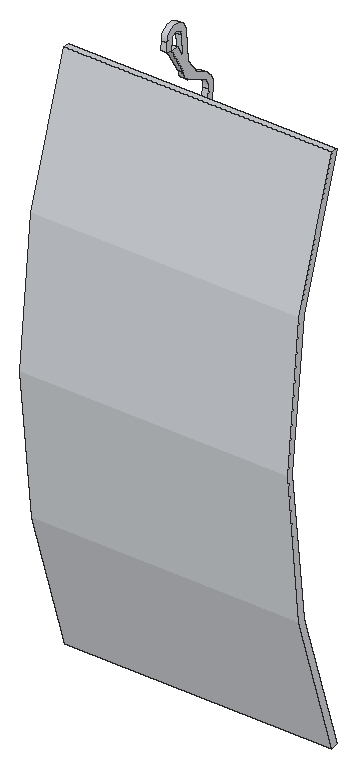
Revit family "8ft Forte Ceiling Panel Stored", category Furniture, Revit 2011
Parameters (values of type "Forte 6' Ceiling")
  URL = "http://www.wengercorp.com/Home/Contact.html"
  Toekick Material [instance] = none
  RH End Panel [instance] = no
  Model = "60"
  Manufacturer = "Wenger Corporation"
  LH End Panel [instance] = no
  End Panel Material [instance] = none
  Edge Banding Material [instance] = none
  Door Material [instance] = none
  Description = "Standard 16' Forte Tower"
  Assembly Code = ""
Reference planes (in)
  plane 1 "Top View 2D location": z = 270
  plane 2: x = 22.64221
  plane 3: x = 46.64221
  plane 4: x = 34.64221
  plane 5: y = 855.02239
  plane 6: z = 199.94228
Forms (in)
  Extrusion 1, solid
    sketch origin (58.64221, 491.62572, 764.7183) x (0, -0.356993, 0.934107) y (0, 0.934107, 0.356993)
      loop
        arc (-614.16351, 160.74898) -> (-655.27769, 134.38354) -> (-703.49652, 126.60806) r 119.86705
        line (-703.49652, 126.60806) -> (-703.42534, 125.61)
        arc (-703.42534, 125.61) -> (-655.02787, 133.38016) -> (-613.69786, 159.73393) r 120.84666
        line (-613.69786, 159.73393) -> (-614.16351, 160.74898)
    from 0 to 48
  Extrusion 2, solid
    sketch origin (47.39227, 547.10756, 818.28681) x (0, 0.260703, -0.965419) y (0, 0.965419, 0.260703)
      loop
        line (674.00797, 132.83014) -> (677.38539, 131.92516) -> (677.56163, 132.58292) -> (677.27009, 136.39071) -> (676.32685, 136.64345) -> (674.17486, 133.45299) -> (674.00797, 132.83014)
    from 0 to 0.25
  Extrusion 3, solid
    sketch origin (45.64221, 547.10756, 818.28681) x (0, 0.260703, -0.965419) y (0, 0.965419, 0.260703)
      loop
        line (674.00797, 132.83014) -> (677.38539, 131.92516) -> (677.56163, 132.58292) -> (677.27009, 136.39071) -> (676.32685, 136.64345) -> (674.17486, 133.45299) -> (674.00797, 132.83014)
    from 0 to 0.25
  Extrusion 4, solid
    sketch origin (23.39227, 547.10756, 818.28681) x (0, 0.260703, -0.965419) y (0, 0.965419, 0.260703)
      loop
        line (674.00797, 132.83014) -> (677.38539, 131.92516) -> (677.56163, 132.58292) -> (677.27009, 136.39071) -> (676.32685, 136.64345) -> (674.17486, 133.45299) -> (674.00797, 132.83014)
    from 0 to 0.25
  Extrusion 5, solid
    sketch origin (21.64221, 547.10756, 818.28681) x (0, 0.260703, -0.965419) y (0, 0.965419, 0.260703)
      loop
        line (674.00797, 132.83014) -> (677.38539, 131.92516) -> (677.56163, 132.58292) -> (677.27009, 136.39071) -> (676.32685, 136.64345) -> (674.17486, 133.45299) -> (674.00797, 132.83014)
    from 0 to 0.25
  Extrusion 6, solid
    sketch origin (47.64221, 177.94081, 64.71877) x (0, -1, 0) y (0, 0, 1)
      loop
        line (-676.08984, 136.22351) -> (-677.08984, 136.22351) -> (-677.08984, 135.22351) -> (-676.08984, 135.22351) -> (-676.08984, 136.22351)
    from -0.00006 to 26
  Extrusion 7, solid
    sketch origin (35.14221, 177.94081, 64.71877) x (0, -1, 0) y (0, 0, 1)
      loop
        line (-676.08984, 136.22351) -> (-676.08984, 142.15091) -> (-683.74531, 184.74649)
        arc (-683.74531, 184.74649) -> (-683.52247, 186.04739) -> (-682.53733, 186.92575) r 1.99868
        line (-682.53733, 186.92575) -> (-679.18968, 188.30833)
        arc (-679.18968, 188.30833) -> (-678.51213, 188.86132) -> (-678.25322, 189.69669) r 1.51471
        line (-678.25322, 189.69669) -> (-678.22809, 189.98616) -> (-678.11876, 189.92046) -> (-675.41481, 194.42059) -> (-675.61622, 194.54161) -> (-676.79761, 194.54161) -> (-678.02626, 192.52702) -> (-677.71045, 196.13677)
        arc (-677.71045, 196.13677) -> (-676.60544, 197.16721) -> (-675.46514, 196.17596) r 1.12901
        line (-675.46514, 196.17596) -> (-675.28077, 194.67438) -> (-674.29725, 194.79514) -> (-674.47868, 196.27279)
        arc (-674.47868, 196.27279) -> (-676.48611, 198.40857) -> (-678.68271, 196.46788) r 2.10527
        line (-678.68271, 196.46788) -> (-679.13378, 191.31212) -> (-681.0882, 188.62209) -> (-683.26307, 187.69892) -> (-683.58867, 187.4793) -> (-683.92627, 187.17532) -> (-684.22577, 186.8184) -> (-684.46298, 186.45311) -> (-684.66827, 185.88909) -> (-684.74174, 185.54344) -> (-684.77793, 185.12974) -> (-684.72834, 184.56291) -> (-677.11492, 142.20128) -> (-677.10486, 142.08627) -> (-677.08984, 141.91467) -> (-677.08984, 136.22351) -> (-676.08984, 136.22351)
    from 0 to 1
Dimensions and locks (in)
  equal spacing: plane 2, plane 4, plane 3, locked at 12 each
  Extrusion 1 sketch curve to Extrusion 1 sketch curve = 0' - 1.11676"
  locked: Extrusion 1 sketch curve to Extrusion 1 sketch curve at 1.00059
  Extrusion 1 to Extrusion 5 to Extrusion 4 to Extrusion 7 to Extrusion 7 to Extrusion 3 to Extrusion 2 to Extrusion 1 = 0' - 11 1/4", 0' - 1.75006" locked, 0' - 10.49994" locked, 0' - 1" locked, 0' - 10 1/2" locked, 0' - 1.75006" locked, 0' - 11.24994"
  locked: Extrusion 2 to Extrusion 2 at 0.25
  locked: Extrusion 3 to Extrusion 3 at 0.25
  Extrusion 7 to Extrusion 7 = 0' - 1"
  locked: Extrusion 4 to Extrusion 4 at 0.25
  locked: Extrusion 5 to Extrusion 5 at 0.25
  plane 5 to Extrusion 7 = 0' - 7.69636"
  Extrusion 2 to plane 6 = 0' - 1.02919"
  locked: Extrusion 7 to plane 5 at 0.99174
  locked: Extrusion 6 to plane 6 at 1
  Extrusion 7 to plane 6 = 5' - 3.18732"
  radius of Extrusion 1 sketch curve = 9' - 11.86705"
Automatic sketch dimensions
  Extrusion 6 sketch curve to plane 1 "Top View 2D location" = 5' - 10.05772"
  Extrusion 6 sketch curve to Extrusion 6 sketch curve = 0' - 1"  (x2)
  Extrusion 7 sketch curve to Extrusion 7 sketch curve = 0' - 0.10934"
  Extrusion 7 sketch curve to Extrusion 7 sketch curve = 0' - 0.13446"
  Extrusion 7 sketch curve to Extrusion 7 sketch curve = 0' - 0.97226"
  Extrusion 7 sketch curve to Extrusion 7 sketch curve = 0' - 0.90568"
  Extrusion 7 sketch curve to Extrusion 7 sketch curve = 0' - 0.93646"
  Extrusion 7 sketch curve to Extrusion 7 sketch curve = 0' - 0.5782"
  Extrusion 7 sketch curve to Extrusion 7 sketch curve = 0' - 1 41/128"
  Extrusion 7 sketch curve to Extrusion 7 sketch curve = 0' - 0.68619"
  Extrusion 7 sketch curve to Extrusion 7 sketch curve = 0' - 0.76295"
  Extrusion 7 sketch curve to Extrusion 7 sketch curve = 0' - 0.72574"
  Extrusion 7 sketch curve to Extrusion 7 sketch curve = 0' - 0.3256"
  Extrusion 7 sketch curve to Extrusion 7 sketch curve = 0' - 1.97093"
  Extrusion 7 sketch curve to Extrusion 7 sketch curve = 0' - 0.3376"
  Extrusion 7 sketch curve to Extrusion 7 sketch curve = 0' - 0.29949"
  Extrusion 7 sketch curve to Extrusion 7 sketch curve = 0' - 0.23722"
  Extrusion 7 sketch curve to Extrusion 7 sketch curve = 0' - 0.20529"
  Extrusion 7 sketch curve to Extrusion 7 sketch curve = 0' - 0.98303"
  Extrusion 7 sketch curve to Extrusion 7 sketch curve = 0' - 0.07347"
  Extrusion 7 sketch curve to Extrusion 7 sketch curve = 0' - 0.03619"
  Extrusion 7 sketch curve to Extrusion 7 sketch curve = 0' - 0.00203"
  Extrusion 7 sketch curve to Extrusion 7 sketch curve = 0' - 1.18139"
  Extrusion 7 sketch curve to Extrusion 7 sketch curve = 0' - 1.11856"
  Extrusion 7 sketch curve to Extrusion 7 sketch curve = 0' - 0.20141"
  Extrusion 7 sketch curve to Extrusion 7 sketch curve = 0' - 0.13404"
  Extrusion 7 sketch curve to Extrusion 7 sketch curve = 0' - 0.98645"
  Extrusion 7 sketch curve to Extrusion 7 sketch curve = 0' - 0.98352"
  Extrusion 7 sketch curve to plane 1 "Top View 2D location" = 5' - 9.05772"
  Extrusion 7 sketch curve to Extrusion 7 sketch curve = 0' - 5.69116"
  Extrusion 7 sketch curve to Extrusion 7 sketch curve = 0' - 0.1716"
  Extrusion 7 sketch curve to Extrusion 7 sketch curve = 0' - 0.06464"
  Extrusion 7 sketch curve to Extrusion 7 sketch curve = 0' - 0.11501"
  Extrusion 7 sketch curve to plane 1 "Top View 2D location" = 1' - 8.71832"
  Extrusion 7 sketch curve to Extrusion 7 sketch curve = 0' - 0 47/256"
  Extrusion 7 sketch curve to Extrusion 7 sketch curve = 0' - 0.33192"
  Extrusion 7 sketch curve to Extrusion 7 sketch curve = 0' - 0.56683"
  Extrusion 7 sketch curve to Extrusion 7 sketch curve = 0' - 0.4137"
  Extrusion 7 sketch curve to Extrusion 7 sketch curve = 0' - 0.34565"
  Extrusion 7 sketch curve to Extrusion 7 sketch curve = 0' - 0.56402"
  Extrusion 7 sketch curve to Extrusion 7 sketch curve = 0' - 0.36529"
  Extrusion 7 sketch curve to Extrusion 7 sketch curve = 0' - 0.35692"
  Extrusion 7 sketch curve to Extrusion 7 sketch curve = 0' - 0.30398"
  Extrusion 7 sketch curve to Extrusion 7 sketch curve = 0' - 0.21962"
  Extrusion 7 sketch curve to Extrusion 7 sketch curve = 0' - 1.38258"
  Extrusion 7 sketch curve to Extrusion 7 sketch curve = 0' - 0.31376"
  Extrusion 7 sketch curve to Extrusion 7 sketch curve = 0' - 1.38836"
  Extrusion 7 sketch curve to Extrusion 7 sketch curve = 0' - 0.22378"
  Extrusion 7 sketch curve to Extrusion 7 sketch curve = 0' - 0.0657"
  Extrusion 7 sketch curve to Extrusion 7 sketch curve = 0' - 1.32597"
  Extrusion 7 sketch curve to Extrusion 7 sketch curve = 0' - 1.2149"
  Extrusion 7 sketch curve to Extrusion 7 sketch curve = 0' - 0.25378"
  Extrusion 7 sketch curve to Extrusion 7 sketch curve = 0' - 0.12076"
  Extrusion 7 sketch curve to Extrusion 7 sketch curve = 0' - 0.13759"
  Extrusion 7 sketch curve to Extrusion 7 sketch curve = 0' - 0.26719"
  Extrusion 7 sketch curve to plane 1 "Top View 2D location" = 0' - 8.81335"
  Extrusion 7 sketch curve to Extrusion 7 sketch curve = 0' - 0.45107"
  Extrusion 7 sketch curve to Extrusion 7 sketch curve = 0' - 1.10752"
  Extrusion 7 sketch curve to Extrusion 7 sketch curve = 0' - 0.01006"
  Extrusion 7 sketch curve to Extrusion 7 sketch curve = 0' - 0.01501"
  Extrusion 7 sketch curve to Extrusion 7 sketch curve = 0' - 0.91284"
  Extrusion 7 sketch curve to Extrusion 7 sketch curve = 0' - 1"
  plane 5 to Extrusion 6 sketch curve = 0' - 0.00826"
  plane 5 to Extrusion 7 sketch curve = 0' - 7.69636"
  plane 5 to Extrusion 7 sketch curve = 0' - 0.03334"
  plane 5 to Extrusion 1 sketch curve = 0' - 6.01224"
  Extrusion 1 sketch curve to plane 6 = 3' - 11.16679"
  Extrusion 1 sketch curve to Extrusion 1 sketch curve = 0' - 0.07118"
  Extrusion 1 sketch curve to Extrusion 1 sketch curve = 0' - 5.42711"
  Extrusion 1 sketch curve to Extrusion 1 sketch curve = 0' - 0.08443"
  Extrusion 1 sketch curve to Extrusion 1 sketch curve = 7' - 5.33301"
  Extrusion 1 sketch curve to Extrusion 1 sketch curve = 0' - 0.46565"
  plane 6 to Extrusion 2 sketch curve = 0' - 2.27374"
  Extrusion 2 sketch curve to plane 5 = 0' - 3.96192"
  Extrusion 2 sketch curve to Extrusion 2 sketch curve = 0' - 0.16689"
  Extrusion 2 sketch curve to Extrusion 2 sketch curve = 0' - 2.15199"
  Extrusion 2 sketch curve to Extrusion 2 sketch curve = 0' - 0.94324"
  Extrusion 2 sketch curve to Extrusion 2 sketch curve = 0' - 3.37742"
  Extrusion 2 sketch curve to Extrusion 2 sketch curve = 0' - 0.17624"
  Extrusion 2 sketch curve to Extrusion 2 sketch curve = 0' - 0.24722"
  Extrusion 2 sketch curve to Extrusion 2 sketch curve = 0' - 3.80779"
  Extrusion 2 sketch curve to Extrusion 2 sketch curve = 0' - 0.25274"
  plane 6 to Extrusion 3 sketch curve = 0' - 2.27374"
  Extrusion 3 sketch curve to plane 5 = 0' - 3.96192"
  Extrusion 3 sketch curve to Extrusion 3 sketch curve = 0' - 0.16689"
  Extrusion 3 sketch curve to Extrusion 3 sketch curve = 0' - 2.15199"
  Extrusion 3 sketch curve to Extrusion 3 sketch curve = 0' - 0.94324"
  Extrusion 3 sketch curve to Extrusion 3 sketch curve = 0' - 3.37742"
  Extrusion 3 sketch curve to Extrusion 3 sketch curve = 0' - 0.17624"
  Extrusion 3 sketch curve to Extrusion 3 sketch curve = 0' - 0.24722"
  Extrusion 3 sketch curve to Extrusion 3 sketch curve = 0' - 3.80779"
  Extrusion 3 sketch curve to Extrusion 3 sketch curve = 0' - 0.25274"
  plane 6 to Extrusion 4 sketch curve = 0' - 2.27374"
  Extrusion 4 sketch curve to plane 5 = 0' - 3.96192"
  Extrusion 4 sketch curve to Extrusion 4 sketch curve = 0' - 0.16689"
  Extrusion 4 sketch curve to Extrusion 4 sketch curve = 0' - 2.15199"
  Extrusion 4 sketch curve to Extrusion 4 sketch curve = 0' - 0.94324"
  Extrusion 4 sketch curve to Extrusion 4 sketch curve = 0' - 3.37742"
  Extrusion 4 sketch curve to Extrusion 4 sketch curve = 0' - 0.17624"
  Extrusion 4 sketch curve to Extrusion 4 sketch curve = 0' - 0.24722"
  Extrusion 4 sketch curve to Extrusion 4 sketch curve = 0' - 3.80779"
  Extrusion 4 sketch curve to Extrusion 4 sketch curve = 0' - 0.25274"
  plane 6 to Extrusion 5 sketch curve = 0' - 2.27374"
  Extrusion 5 sketch curve to plane 5 = 0' - 3.96192"
  Extrusion 5 sketch curve to Extrusion 5 sketch curve = 0' - 0.16689"
  Extrusion 5 sketch curve to Extrusion 5 sketch curve = 0' - 2.15199"
  Extrusion 5 sketch curve to Extrusion 5 sketch curve = 0' - 0.94324"
  Extrusion 5 sketch curve to Extrusion 5 sketch curve = 0' - 3.37742"
  Extrusion 5 sketch curve to Extrusion 5 sketch curve = 0' - 0.17624"
  Extrusion 5 sketch curve to Extrusion 5 sketch curve = 0' - 0.24722"
  Extrusion 5 sketch curve to Extrusion 5 sketch curve = 0' - 3.80779"
  Extrusion 5 sketch curve to Extrusion 5 sketch curve = 0' - 0.25274"
Nested families (in)
  nested 1: "Labels" at (34.95498, 802.0836, 0), type "8'"
Definition of nested family "Labels"
  Parameters (values of type "Standard")
    Cabinet Label = "01"
  Types (4): name | Cabinet Label
    Standard | "01"
    Narrow | "01N"
    Narrow Acoustic | "01NA"
    Acoustic | "01A"
  Reference planes (in)
    plane 1: y = 0
    plane 2: x = 0
  Text (in)
    label "xxxx" at (-0.00018, 0.00754, 0), shows "Cabinet Label"
